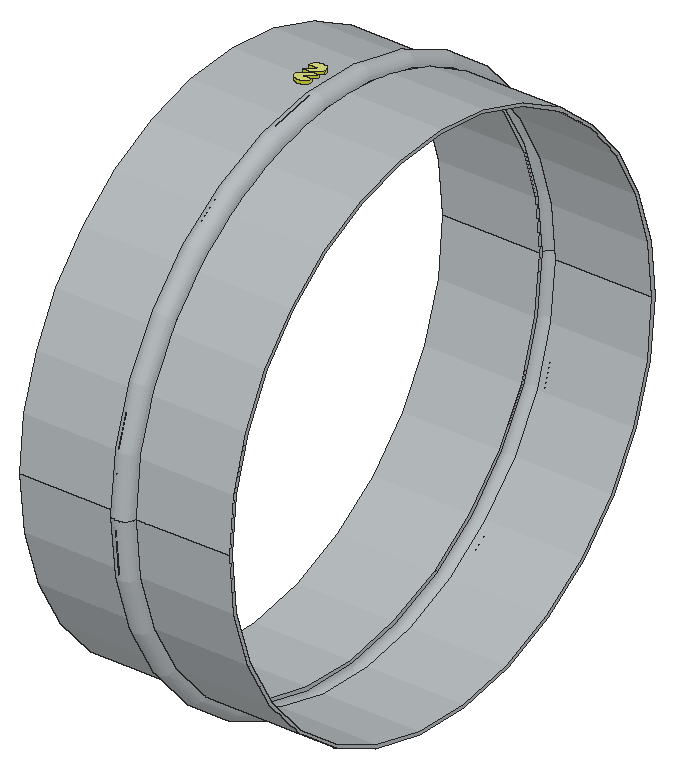
Revit family "NLRS_57_DUF_UN_9mm_dampdichte_ronde_steekverbinding_LT_velu", category Duct Fittings, Revit 2020
Family settings
  Round Connector Dimension = Use Diameter
  Part Type = Union
  OmniClass Number = 23.75.70.14.14
  OmniClass Title = Couplings for Air Ductwork
  Work Plane-Based = No
  Always vertical = Yes
  Cut with Voids When Loaded = No
  Shared = Yes
Parameters (values of type "SN")
  VELU_c01_diameter [instance] = if(NLRS_M_c01_diameter > 355 mm, 400 mm, if(NLRS_M_c01_diameter > 315 mm, 355 mm, if(NLRS_M_c01_diameter > 250 mm, 315 mm, if(NLRS_M_c01_diameter > 200 mm, 250 mm, if(NLRS_M_c01_diameter > 180 mm, 200 mm, if(NLRS_M_c01_diameter > 160 mm, 180 mm, if(NLRS_M_c01_diameter > 150 mm, 160 mm, if(NLRS_M_c01_diameter > 125 mm, 150 mm, if(NLRS_M_c01_diameter > 100 mm, 125 mm, 100 mm)))))))))  # 200 mm
  VELU_Werkendelengte [instance] = VELU_Connector_Ril  # 8 mm
  VELU_Verbindingslengte2 [instance] = size_lookup(VELU_Article_Data, "Li2", 35 mm, VELU_c01_diameter)  # 35 mm
  VELU_Verbindingslengte [instance] = size_lookup(VELU_Article_Data, "Li1", 35 mm, VELU_c01_diameter)  # 35 mm
  VELU_Sta_special_toe [instance] = no
  VELU_Show_Warning [instance] = and(not(VELU_Geldig_Artikel), not(VELU_Sta_special_toe))  # no
  VELU_Ril_Offset [instance] = VELU_Connector_Ril / -2  # -4 mm
  VELU_Opmerking [instance] = "Pas NLRS_57_dampdicht_gen_velu 9mm toe als isolatie!"  # constant formula
  VELU_Model_Diameter [instance] = VELU_c01_diameter - 2 mm  # 198 mm
  VELU_Model [instance] = size_lookup(VELU_Article_Data, "Model", "NB", VELU_c01_diameter)  # "SN 200"
  VELU_Gewicht [instance] = size_lookup(VELU_Article_Data, "kg", 0, VELU_c01_diameter) / 100 * 1.00 kg  # 0.23 kg
  VELU_Geldig_Artikel [instance] = and(size_lookup(VELU_Article_Data, "kg", -1, VELU_c01_diameter) > -1, NLRS_M_c01_diameter = VELU_c01_diameter)  # yes
  VELU_Foutmelding [instance] = if(VELU_Geldig_Artikel, " ", "Dit is geen geldig VELU dampddicht product")  # " "
  VELU_Connector_Ril [instance] = size_lookup(VELU_Article_Data, "Ril1", 12 mm, VELU_c01_diameter)  # 8 mm
  VELU_Artikel_code [instance] = size_lookup(VELU_Article_Data, "", "NB", VELU_c01_diameter)  # "5050002289"
  VELU_Article_Data = "Steekverbinding dampdicht"  # constant formula
  built-in parameter 1114242 [instance] = 1 = 0  # (empty or 0)
  URL = "https://webshop.velu.nl/rondekanalen/"
  Type Comments = "Velu Steekverbinding"  # constant formula
  NLRS_M_c01_diameter [instance] = 200 mm
  NLRS_C_model [instance] = VELU_Model  # "SN 200"
  NLRS_C_description [instance] = Description  # "Velu Dampdicht, Ronde steekverbinding"
  NLRS_C_content_versie = "3.20.01"  # constant formula
  NLRS_C_content_provider = Manufacturer  # "Velu Klimaattechnische groothandel"
  NLRS_C_content_datum_gewijzigd = "16-01-2023"  # constant formula
  NLRS_C_content_creator = "J. Feeke"  # constant formula
  Model = "Velu dampdicht -  ronde steekverbinding"  # constant formula
  Manufacturer = "Velu Klimaattechnische groothandel"  # constant formula
  IfcExportType = "CONNECTOR"  # constant formula
  IfcExportAs = "IfcDuctFittingType"  # constant formula
  IfcDescription = Description  # "Velu Dampdicht, Ronde steekverbinding"
  Description = "Velu Dampdicht, Ronde steekverbinding"  # constant formula
  Default Elevation = 0 mm
  Assembly Code = "57.00"
Types (2, lengths in mm): name | VELU_Sta_special_toe
  Standard | yes
  SN | no
Reference planes
  plane 1 "Center (Front/Back)": y = 0
  plane 2: z = 0
  plane 3 "Center (Left/Right)": x = 0
  plane 4 "Links": x = -35
  plane 5 "Ril_Rechts": x = 8
  plane 6 "Rechts": x = 43
  plane 7 "3": x = 4
  plane 8 "topplane": z = 100
  plane 9 "bottomplane": z = -100
Forms (mm)
  Extrusion 1, solid, not visible
    sketch origin (0, 0, 0) x (0, 1, 0) y (0, 0, 1)
      loop
        circle (0, 0) r 99
    from 0 to 8
  Sweep 2, solid, material "NLRS_57_sendzimir verzinkt_gen_sacs", detail levels medium+fine
    path in 3D
      loop
        arc (0, -99, 0) -> (0, 0, -99) -> (0, 99, 0) r 99
        arc (0, 99, 0) -> (0, 0, 99) -> (0, -99, 0) r 99
    profile "VN_Profile : VN_Profile" origin (0, 0, -99) x (0, 0, 1) y (-1, 0, 0)
      loop
        line (-1, 35) -> (-1, -1) -> (0, -1)
        arc (0, -1) -> (3, -4) -> (0, -7) r 3
        line (0, -7) -> (-1, -7) -> (-1, -43) -> (0, -43) -> (0, -8)
        arc (0, -8) -> (4, -4) -> (0, 0) r 4
        line (0, 0) -> (0, 35) -> (-1, 35)
Lines and regions (mm)
  sketch lines
    curve 1: arc (0, 99, 0) -> (0, 0, 99) -> (0, -99, 0) r 99
    curve 2: arc (0, -99, 0) -> (0, 0, -99) -> (0, 99, 0) r 99
  model lines, style "DuctFittingCenterLine"
    curve 3: line (0, 0, 0) -> (8, 0, 0)
Dimensions and locks
  "VELU_Connector_Ril": plane 3 "Center (Left/Right)" to plane 5 "Ril_Rechts"
  "VELU_Verbindingslengte": plane 4 "Links" to plane 3 "Center (Left/Right)"
  "VELU_Verbindingslengte2": plane 5 "Ril_Rechts" to plane 6 "Rechts"
  equal spacing: plane 3 "Center (Left/Right)", plane 7 "3", plane 5 "Ril_Rechts"
  equal spacing: plane 8 "topplane", level, plane 9 "bottomplane"
  "NLRS_M_c01_diameter": plane 8 "topplane" to plane 9 "bottomplane"
  locked: plane 3 "Center (Left/Right)" to nested 1 at 6
  locked: plane 3 "Center (Left/Right)" to nested 2 at 6
  "VELU_Model_Diameter": diameter of Extrusion 1 sketch curve
  aligned and locked: level to plane 2
  aligned and locked: Extrusion 1 to plane 5 "Ril_Rechts"
  aligned and locked: Extrusion 1 to plane 3 "Center (Left/Right)"
  aligned and locked: plane 3 "Center (Left/Right)" to curve 3
  aligned and locked: plane 5 "Ril_Rechts" to curve 3
  aligned and locked: plane 1 "Center (Front/Back)" to curve 3
Automatic sketch dimensions
  Extrusion 1 sketch curve to level = 0 mm
  Extrusion 1 sketch curve to plane 1 "Center (Front/Back)" = 0 mm
Nested families
  nested 1: "logo_single" at (-6, 0, 100) x (0, -1, 0) z (0, 0, 1), type "logo_single", detail levels medium+fine
  nested 2: "logo_single" at (-6, 0, -101) x (0, 1, 0) z (0, 0, 1), type "logo_single", detail levels medium+fine
  nested 3: "Warning_R20" at (4, 0, 0), visible <- "VELU_Show_Warning", type "Warning_R20"
Connectors
  hvac at (0, 0, 0), driven by "NLRS_M_c01_diameter"
    settings: on Extrusion 1, index 1, duct flow 0.0 L/s, flow factor 0, pres drop 0.0 Pa, loss coef 0, conn angle 0.00°, conn width 304.8 mm, conn height 304.8 mm, conn diameter 200 mm, duct sys type 28, conn prof type 0, flow config 0, flow direction 0, loss method 0, conn ref index 2, conn util no, is conn primary yes, conn desc ""
  hvac at (8, 0, 0), driven by "NLRS_M_c01_diameter"
    settings: on Extrusion 1, index 2, duct flow 0.0 L/s, flow factor 0, pres drop 0.0 Pa, loss coef 0, conn angle 0.00°, conn width 304.8 mm, conn height 304.8 mm, conn diameter 200 mm, duct sys type 28, conn prof type 0, flow config 0, flow direction 0, loss method 0, conn ref index 1, conn util no, is conn primary no, conn desc ""
Definition of nested family "logo_single"
  Parameters (values of type "logo_single")
    t = 3 mm
    Model = "LOD 400"
    Description = "Model type"
    Default Elevation = 1219.2 mm
  Reference planes
    plane 1 "Center (Front/Back)": y = 0
    plane 2: z = 0
    plane 3 "Center (Left/Right)": x = 0
    plane 4: x = -6
    plane 5: y = -3
    plane 6: y = 3
    plane 7: x = -3
    plane 8: x = 3
    plane 9: x = 6
  Forms (mm)
    Extrusion 1, solid
      sketch origin (-547.644, -297.937, 0) x (1, 0, 0) y (0, 1, 0)
        loop
          arc (544.644, 300.937) -> (541.644, 297.937) -> (544.644, 294.937) r 3
          line (544.644, 294.937) -> (544.644, 297.937) -> (547.644, 294.937) -> (547.644, 297.937) -> (544.644, 300.937)
      from 0 to 1
    Extrusion 2, solid
      sketch origin (0, 0, 0) x (1, 0, 0) y (0, 1, 0)
        loop
          arc (3, -3) -> (6, 0) -> (3, 3) r 3
          line (3, 3) -> (3, 0) -> (0, 3) -> (0, 0) -> (3, -3)
      from 0 to 1
  Dimensions and locks
    "t": plane 6 to plane 1 "Center (Front/Back)"
    "t": plane 5 to plane 1 "Center (Front/Back)"
    "t": plane 4 to plane 7
    "t": plane 7 to plane 3 "Center (Left/Right)"
    "t": plane 3 "Center (Left/Right)" to plane 8
    "t": plane 8 to plane 9
    aligned and locked: level to plane 2
  Automatic sketch dimensions
    plane 1 "Center (Front/Back)" to Extrusion 1 sketch curve = 0 mm  (x3)
    Extrusion 1 sketch curve to plane 7 = 0 mm
    Extrusion 1 sketch curve to plane 6 = 0 mm
    Extrusion 1 sketch curve to plane 3 "Center (Left/Right)" = 0 mm
    Extrusion 1 sketch curve to plane 5 = 0 mm
    Extrusion 2 sketch curve to plane 3 "Center (Left/Right)" = 0 mm
    plane 1 "Center (Front/Back)" to Extrusion 2 sketch curve = 0 mm  (x3)
    Extrusion 2 sketch curve to plane 5 = 0 mm
    Extrusion 2 sketch curve to plane 8 = 0 mm
    Extrusion 2 sketch curve to plane 6 = 0 mm
Definition of nested family "Warning_R20"
  Parameters (values of type "Warning_R20")
    TW = 51.6 mm * Scale  # 25.8 mm
    TH = 75 mm * Scale  # 37.5 mm
    Scale = 0.5
    CO = 50 mm * Scale  # 25 mm
    CD = 50 mm * Scale  # 25 mm
    BW = 40 mm * Scale  # 20 mm
    BH = 12 mm * Scale  # 6 mm
  Reference planes
    plane 1 "Center (Front/Back)": y = 0
    plane 2: z = 0
    plane 3 "Center (Left/Right)": x = 0
  Lines and regions (mm)
    Filled region 1, type "Solid Fill - Black", in view "Ref. Level"
      outline origin (0, 0, 0) x (1, 0, 0) y (0, 1, 0)
        loop
          line (-12.9, 37.5) -> (-10, -6) -> (10, -6) -> (12.9, 37.5) -> (-12.9, 37.5)
        loop
          circle (0, -25) r 12.5
  Dimensions and locks
    equal spacing: Filled region 1 sketch curve, plane 3 "Center (Left/Right)", Filled region 1 sketch curve  (x2)
    "TH": plane 1 "Center (Front/Back)" to Filled region 1 sketch curve
    "BH": Filled region 1 sketch curve to plane 1 "Center (Front/Back)"
    "CO": Filled region 1 sketch curve to plane 1 "Center (Front/Back)"
    "TW": Filled region 1 sketch curve to Filled region 1 sketch curve
    "BW": Filled region 1 sketch curve to Filled region 1 sketch curve
    "CD": diameter of Filled region 1 sketch curve
    aligned and locked: plane 3 "Center (Left/Right)" to Filled region 1 sketch curve
